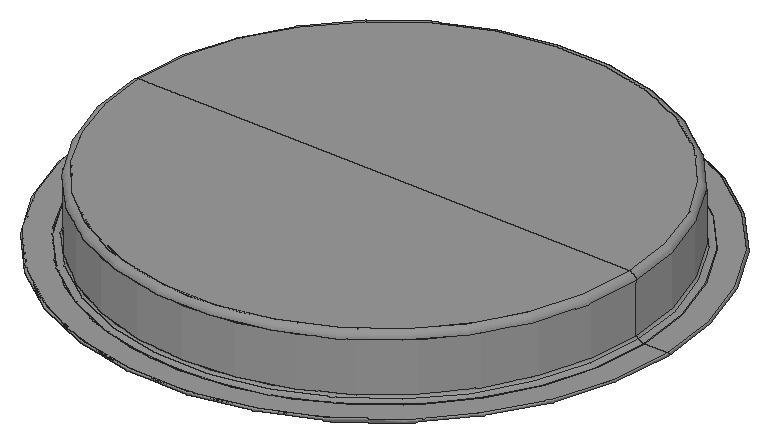
Revit family "MIA12_63_UN_Downlighter_ETK", category Lighting Fixtures, Revit 2017 (continued)
Definition of nested family "MIA.1 - Lightsource"
  Types (8, lengths in mm): name | Wattage | built-in parameter 1150134 | Photometric Web File | built-in parameter 1150142 | built-in parameter 1150105 | Lumens | built-in parameter 1150107 | built-in parameter 1150106
      411 317.2972 314.8072 312.5106 \r\n309.5975 306.3218 303.0219 299.8549 296.9781 293.2914 \r\n289.9674 286.5103 282.8599 279.1249 275.559 271.2559 \r\n267.7868 263.5441 259.2893 255.2278 250.9005 246.7908 \r\n242.0887 237.1208 232.6846 227.8375 223.7157 218.2763 \r\n212.8369 207.3976 202.3812 197.2924 192.2277 186.9334 \r\n181.7237 176.7194 171.4856 166.2758 160.6672 155.2158 \r\n149.8731 144.4216 138.9581 133.6275 128.4298 122.8938 \r\n117.2851 111.8095 106.4306 100.8582 95.3584 89.9432 84.4192 \r\n79.0886 73.758 68.234 62.9034 57.6454 52.4961 47.2984 \r\n42.1492 37.1449 32.2253 27.2936 22.4586 17.7203 13.0062 \r\n8.4492 4.0735 1.1121 0.0604 0.0604 0.0604 0.0604 0.0725 \r\n0.0725 0.0725 0.0846 0.0846 0.0967 0.1088 0.1209 0.1209 \r\n0.133 0.133 0.1571 0.1571 0.1692 0.1813 0.1813 0.1934 \r\n0.2055 0.2055 0.2176 0.2297 0.2297 0.2418 0.2538 0.2538 \r\n0.2659 0.2659 0.278 0.2901 0.2901 0.3022 0.3022 0.3143 \r\n0.3264 0.3264 0.3385 0.3385 0.3505 0.3505 0.3626 0.3626 \r\n0.3747 0.3868 0.3868 0.3868 0.411 0.411 0.4231 0.4231 \r\n0.4352 0.4352 0.4472 0.4472 0.4593 0.4593 0.4593 0.4714 \r\n0.4714 0.4714 0.4835 0.4835 0.4835 0.4956 0.4956 0.5198 \r\n0.5198 0.5319 0.5439 0.5439 0.556 0.5681 0.5802 0.5923 \r\n0.5923 0.6044 0.6044 0.6165 0.6165 0.6165 0.6165 0.6286 \r\n0.6286 0.6286 0.6286 0.6286 0.6286 0.6406 \r\n347.3105 347.2259 347.5644 346.8875 346.0776 344.0106 \r\n343.9018 343.2612 342.1612 340.5657 339.6833 338.0152 \r\n335.8637 334.2923 332.4066 330.5572 328.9254 326.3508 \r\n324.0904 321.5762 319.3521 316.4269 313.5501 311.0117 \r\n308.014 304.968 301.8373 297.9935 295.3947 291.9255 \r\n288.2872 284.9873 281.2764 277.2392 273.4437 269.5032 \r\n265.0671 261.2233 256.8113 253.3664 248.6402 244.1919 \r\n239.5503 235.223 230.5572 225.9398 221.0444 216.2456 \r\n211.2656 206.2734 201.4989 196.5188 191.1761 186.0389 \r\n180.8776 175.4382 170.1438 164.7286 159.2409 154.14 \r\n148.7489 143.2612 137.7372 132.189 126.9431 121.129 \r\n115.9072 110.4194 104.9317 99.4319 93.9925 88.4202 83.1621 \r\n77.6623 72.235 67.0615 61.6826 56.4366 51.1664 46.0534 \r\n40.9525 35.9483 30.9924 26.0486 21.274 16.4511 11.7732 \r\n7.2283 3.0219 0.689 0.0846 0.0846 0.0725 0.0725 0.0725 \r\n0.0725 0.0725 0.0725 0.0725 0.0846 0.0846 0.0967 0.0967 \r\n0.1088 0.1088 0.1209 0.133 0.1451 0.1571 0.1571 0.1692 \r\n0.1813 0.1813 0.1934 0.2055 0.2176 0.2176 0.2297 0.2297 \r\n0.2418 0.2538 0.2659 0.2659 0.278 0.278 0.278 0.2901 0.2901 \r\n0.3022 0.3143 0.3264 0.3264 0.3264 0.3385 0.3385 0.3505 \r\n0.3626 0.3626 0.3868 0.3868 0.3868 0.3989 0.3989 0.411 \r\n0.411 0.4231 0.4352 0.4352 0.4352 0.4352 0.4472 0.4472 \r\n0.4472 0.4593 0.4593 0.4593 0.4714 0.4714 0.4956 0.4956 \r\n0.5077 0.5077 0.5198 0.5439 0.556 0.556 0.556 0.5681 0.5802 \r\n0.5923 0.6165 0.6286 0.6286 0.6286 0.6406 0.6406 0.6406 \r\n0.6406 0.6406 0.6406 0.6406 \r\n346.7666 346.4402 345.9567 345.9446 345.3282 344.204 \r\n343.8293 342.4634 341.1822 340.2998 338.5833 337.3625 \r\n335.9362 333.8813 331.8143 330.2671 327.9463 326.0123 \r\n323.1234 320.851 318.8444 316.161 313.3084 309.9601 307.047 \r\n304.4119 301.0274 298.2352 294.5002 291.164 287.5257 284.25 \r\n280.6479 276.792 273.202 268.9955 264.7286 260.4497 \r\n256.6421 252.0972 247.9874 243.7689 239.3207 234.3406 \r\n229.9045 225.2992 220.0169 214.7347 209.4524 204.3515 \r\n199.033 194.0409 188.9399 184.0687 178.9073 173.8547 \r\n168.5241 163.121 157.8025 152.2422 146.8875 141.4481 \r\n136.0812 130.7869 125.1058 119.7026 114.3721 108.7997 \r\n103.3724 97.8605 92.4816 87.0543 81.6632 76.1876 70.7845 \r\n65.4901 60.1837 54.974 49.8006 44.5062 39.4778 34.4615 \r\n29.5298 24.719 19.896 15.1094 10.4557 5.9591 2.0911 0.2538 \r\n0.0725 0.0725 0.0725 0.0725 0.0725 0.0846 0.0846 0.0967 \r\n0.0967 0.1088 0.1209 0.1209 0.133 0.1451 0.1451 0.1571 \r\n0.1692 0.1692 0.1813 0.1934 0.1934 0.2176 0.2176 0.2297 \r\n0.2297 0.2418 0.2538 0.2538 0.2659 0.278 0.278 0.2901 \r\n0.2901 0.3022 0.3022 0.3143 0.3264 0.3264 0.3385 0.3385 \r\n0.3505 0.3505 0.3626 0.3626 0.3747 0.3747 0.3868 0.3868 \r\n0.3989 0.411 0.4231 0.4231 0.4352 0.4352 0.4472 0.4593 \r\n0.4593 0.4593 0.4714 0.4714 0.4714 0.4835 0.4835 0.4835 \r\n0.4835 0.4956 0.4956 0.5198 0.5198 0.5319 0.5439 0.556 \r\n0.556 0.5681 0.5802 0.5923 0.5923 0.6044 0.6044 0.6165 \r\n0.6165 0.6165 0.6165 0.6286 0.6286 0.6286 0.6286 0.6286 \r\n0.6286 0.6286 0.6406 \r\n348.3742 347.5281 347.0446 347.1171 345.6545 344.7842 \r\n343.8777 343.237 342.1008 340.3965 338.4987 337.5438 \r\n335.912 334.1956 332.2737 329.9529 327.7408 325.8915 \r\n323.3652 320.5488 318.3126 315.8226 312.6315 309.8392 \r\n307.0591 303.2636 300.5198 297.5341 294.0892 290.463 \r\n286.8609 282.6061 279.0161 275.5953 271.2438 267.8956 \r\n263.6287 259.6156 255.0465 251.1302 247.0688 241.9437 \r\n237.6163 232.9385 228.3694 223.6674 218.7598 213.8281 \r\n208.6547 204.0251 198.9605 194.1738 189.0729 183.6335 \r\n178.7381 173.4196 167.9197 162.7342 157.2465 151.8433 \r\n146.2106 140.8316 135.1988 129.832 124.308 118.7477 \r\n113.2117 107.7602 102.3208 97.099 91.5146 86.0389 80.5633 \r\n75.2206 69.7329 64.5111 59.2288 53.9707 48.7731 43.6359 \r\n38.6196 33.6637 28.732 23.7036 18.9653 14.2391 9.537 5.0888 \r\n1.5835 0.1451 0.0846 0.0846 0.0846 0.0846 0.0846 0.0846 \r\n0.0846 0.0846 0.0846 0.0846 0.0846 0.0967 0.0967 0.1209 \r\n0.1209 0.133 0.1451 0.1571 0.1571 0.1571 0.1692 0.1813 \r\n0.1934 0.2055 0.2055 0.2176 0.2297 0.2297 0.2418 0.2418 \r\n0.2538 0.2659 0.2659 0.278 0.278 0.2901 0.2901 0.3022 \r\n0.3022 0.3264 0.3264 0.3264 0.3264 0.3385 0.3385 0.3505 \r\n0.3626 0.3626 0.3747 0.3868 0.3868 0.3989 0.411 0.411 \r\n0.4231 0.4352 0.4352 0.4472 0.4472 0.4472 0.4472 0.4472 \r\n0.4472 0.4593 0.4593 0.4593 0.4714 0.4835 0.4956 0.4956 \r\n0.5077 0.5198 0.5319 0.5439 0.556 0.556 0.5681 0.5681 \r\n0.5802 0.5923 0.6165 0.6286 0.6406 0.6406 0.6406 0.6527 \r\n0.6527 0.6527 0.6648 0.6406 0.6406 \r\n347.794 347.371 346.549 345.9688 345.4491 344.1557 343.1403 \r\n342.959 341.8953 340.8316 339.2965 338.0152 336.5526 \r\n334.2439 332.5758 330.7385 328.2364 325.9277 323.6069 \r\n321.1531 318.0829 315.8951 312.9941 310.1777 306.8174 \r\n304.1702 301.0758 297.6429 294.3914 290.8014 287.2477 \r\n283.7906 280.1644 276.5623 272.1262 268.1736 264.1605 \r\n259.8936 255.7597 251.5774 246.4886 242.3305 237.8581 \r\n233.2165 228.6595 224.2596 218.8323 213.4051 207.9898 \r\n202.9373 197.8847 193.0134 188.0938 182.6544 177.2996 \r\n172.0778 166.6143 161.1386 155.9289 150.6588 145.3161 \r\n139.8042 134.3165 128.7199 123.3893 117.8049 112.4501 \r\n106.902 101.4384 95.9265 90.5597 84.9752 79.4875 74.1569 \r\n68.8867 63.5803 58.153 53.0037 47.8545 42.7052 37.6526 \r\n32.6725 27.7529 22.8938 18.0708 13.3688 8.7393 4.3757 \r\n1.2571 0.0725 0.0725 0.0725 0.0725 0.0846 0.0846 0.0967 \r\n0.1088 0.1088 0.1088 0.1209 0.133 0.1451 0.1451 0.1571 \r\n0.1571 0.1692 0.1813 0.1934 0.1934 0.2055 0.2055 0.2176 \r\n0.2297 0.2418 0.2418 0.2538 0.2659 0.2659 0.278 0.2901 \r\n0.3022 0.3022 0.3022 0.3143 0.3143 0.3264 0.3264 0.3385 \r\n0.3385 0.3505 0.3626 0.3626 0.3747 0.3747 0.3868 0.3989 \r\n0.3989 0.3989 0.411 0.4231 0.4352 0.4352 0.4472 0.4472 \r\n0.4593 0.4593 0.4714 0.4714 0.4835 0.4835 0.4835 0.4835 \r\n0.4835 0.4956 0.4956 0.5077 0.5077 0.5198 0.5319 0.5439 \r\n0.5439 0.556 0.556 0.5681 0.5802 0.5923 0.6044 0.6044 \r\n0.6165 0.6165 0.6165 0.6165 0.6286 0.6286 0.6286 0.6406 \r\n0.6406 0.6286 0.6286 0.6286 0.6406 \r\n346.5369 347.3589 346.6941 345.5578 344.8689 344.5546 \r\n343.6843 342.4755 341.2909 340.0701 337.979 336.4439 \r\n334.7033 332.878 330.8957 328.7804 326.242 324.5497 \r\n322.4828 319.6543 317.128 314.1061 311.5073 308.9568 \r\n306.1767 302.4538 299.6857 296.2045 292.9772 289.0729 \r\n285.5796 282.1588 278.4238 274.3503 270.4219 266.6747 \r\n262.3595 258.2618 253.7773 249.5105 245.026 240.8558 \r\n236.0571 231.5242 226.7376 221.9267 217.5269 212.4622 \r\n207.3009 202.3208 197.1232 192.2398 187.2598 182.1226 \r\n176.5623 171.4614 166.1912 160.8969 155.4817 150.1632 \r\n144.748 139.1877 133.6637 128.043 122.5553 117.1038 \r\n111.6403 106.1646 100.7011 95.2133 89.7981 84.5763 78.9073 \r\n73.6371 68.1857 63.0968 57.6816 52.5565 47.371 42.2338 \r\n37.1328 32.2495 27.342 22.4707 17.7324 13.0424 8.425 4.0856 \r\n1.1604 0.1088 0.0846 0.0846 0.0846 0.0846 0.0846 0.0846 \r\n0.0846 0.0846 0.0846 0.0846 0.0967 0.1088 0.1209 0.1209 \r\n0.133 0.1451 0.1451 0.1571 0.1692 0.1813 0.1813 0.2055 \r\n0.2055 0.2176 0.2176 0.2176 0.2297 0.2418 0.2538 0.2659 \r\n0.2659 0.2659 0.278 0.278 0.2901 0.2901 0.3022 0.3143 \r\n0.3264 0.3264 0.3264 0.3264 0.3385 0.3385 0.3505 0.3626 \r\n0.3747 0.3868 0.3868 0.3868 0.3989 0.411 0.411 0.4231 \r\n0.4352 0.4472 0.4352 0.4472 0.4472 0.4472 0.4472 0.4593 \r\n0.4593 0.4593 0.4593 0.4714 0.4714 0.4956 0.4956 0.5077 \r\n0.5077 0.5198 0.5319 0.556 0.556 0.556 0.5681 0.5681 0.5802 \r\n0.6044 0.6286 0.6286 0.6406 0.6406 0.6406 0.6648 0.6648 \r\n0.6648 0.6648 0.6527 0.6406 \r\n347.0688 347.0204 346.4402 345.8238 345.4249 344.7722 \r\n343.9502 343.0315 341.6536 340.2031 338.68 337.1812 \r\n335.2593 333.3011 331.3067 329.4935 327.5474 325.2025 \r\n322.7124 320.0894 317.3818 314.9039 312.3776 309.3678 \r\n306.5393 303.4329 300.133 296.8814 293.6299 290.0157 \r\n286.7158 282.8116 279.2095 275.2689 271.3042 267.0374 \r\n262.8792 258.8662 254.5509 250.3082 245.9567 241.5327 \r\n236.7098 232.2253 227.4024 223.1355 217.5269 211.9304 \r\n207.0833 202.1516 197.4374 192.0343 186.8004 181.9775 \r\n176.5986 171.2196 165.8286 160.5464 155.0949 149.6313 \r\n144.059 138.813 133.5187 127.9342 122.519 116.9709 111.5073 \r\n106.08 100.5681 95.1287 89.7377 84.3467 78.8469 73.3591 \r\n68.0648 62.6858 57.4761 52.2785 47.2138 42.0283 36.8911 \r\n31.9715 27.0277 22.1806 17.5148 12.7886 8.2558 3.9889 \r\n1.0758 0.0725 0.0725 0.0725 0.0846 0.0846 0.0846 0.0967 \r\n0.0967 0.1088 0.1209 0.1209 0.133 0.1451 0.1571 0.1571 \r\n0.1692 0.1813 0.1813 0.1934 0.2055 0.2176 0.2297 0.2297 \r\n0.2418 0.2418 0.2538 0.2659 0.2659 0.278 0.2901 0.2901 \r\n0.3022 0.3022 0.3143 0.3264 0.3264 0.3264 0.3385 0.3505 \r\n0.3505 0.3626 0.3626 0.3626 0.3747 0.3868 0.3868 0.3989 \r\n0.3989 0.411 0.411 0.4231 0.4352 0.4352 0.4472 0.4593 \r\n0.4593 0.4714 0.4714 0.4714 0.4835 0.4835 0.4835 0.4956 \r\n0.4956 0.4956 0.4956 0.5077 0.5077 0.5198 0.5319 0.5439 \r\n0.5439 0.556 0.5681 0.5681 0.5923 0.5923 0.6044 0.6044 \r\n0.6165 0.6286 0.6286 0.6286 0.6286 0.6286 0.6406 0.6406 \r\n0.6406 0.6406 0.6406 0.6406 0.6406 \r\n347.794 347.5885 347.0083 346.0293 345.9084 344.9776 \r\n343.4304 342.1612 341.9437 339.8404 338.813 337.3988 \r\n335.3922 333.5549 331.6088 329.7836 327.8134 325.42 \r\n322.7366 320.1982 317.5752 314.4446 312.148 309.4041 \r\n306.4547 302.8889 300.2176 296.5913 293.2431 289.5806 \r\n285.7851 282.7028 279.004 275.3052 270.8812 267.1945 \r\n262.9759 258.8058 254.3334 250.1632 245.7029 241.436 \r\n236.746 232.2495 227.5595 222.785 217.7324 213.0424 \r\n207.9778 203.1307 197.788 192.6508 187.707 182.8478 \r\n177.5656 172.2954 166.5659 161.3441 155.8564 150.5016 \r\n145.0381 139.7921 134.4252 128.4057 123.0992 117.4665 \r\n111.9666 106.4789 100.9791 95.576 90.0641 84.7576 79.2337 \r\n73.8184 68.4758 63.1452 57.8992 52.7257 47.5885 42.4755 \r\n37.3262 32.4066 27.4266 22.6399 17.8774 13.2117 8.6547 \r\n4.3032 1.2813 0.1088 0.0846 0.0846 0.0846 0.0846 0.0846 \r\n0.0846 0.0846 0.0846 0.0967 0.0967 0.0967 0.1088 0.1088 \r\n0.1209 0.133 0.1571 0.1571 0.1571 0.1692 0.1813 0.1934 \r\n0.2055 0.2176 0.2055 0.2176 0.2297 0.2418 0.2418 0.2538 \r\n0.2659 0.2659 0.278 0.278 0.2901 0.2901 0.3022 0.3264 \r\n0.3264 0.3264 0.3264 0.3264 0.3385 0.3505 0.3505 0.3505 \r\n0.3747 0.3747 0.3868 0.3868 0.3989 0.3989 0.3989 0.4231 \r\n0.4352 0.4352 0.4472 0.4472 0.4472 0.4472 0.4472 0.4593 \r\n0.4593 0.4593 0.4714 0.4714 0.4714 0.4714 0.4956 0.5077 \r\n0.5077 0.5077 0.5319 0.5319 0.556 0.556 0.556 0.5681 0.5802 \r\n0.5802 0.6044 0.6286 0.6406 0.6406 0.6527 0.6648 0.6769 \r\n0.6769 0.6769 0.6769 0.6527 0.6406 \r\n347.4918 347.4556 347.4556 346.5853 345.7633 345.2194 \r\n344.5062 343.2733 341.581 341.2426 340.5899 338.3053 \r\n336.4318 334.5582 333.3495 331.8627 329.8682 327.2211 \r\n325.4805 323.4014 320.7422 318.4093 315.6171 312.7644 \r\n309.3195 306.4668 303.6383 300.0363 296.7243 292.7354 \r\n290.6322 287.6224 283.5489 279.7292 275.5107 271.7152 \r\n266.9527 264.6803 259.1563 254.9015 250.1994 246.0413 \r\n241.3756 237.3262 232.6363 228.0189 222.9542 217.9862 \r\n212.704 207.5184 202.7076 197.5221 192.4816 187.1389 \r\n182.4006 176.5744 171.0141 165.5627 160.4134 154.841 \r\n148.9061 143.4063 137.8944 132.2857 126.5079 121.0081 \r\n115.2665 109.5975 103.9284 98.2594 93.1222 87.0301 81.8687 \r\n76.1272 70.5669 65.0792 59.8453 54.2488 49.039 43.8051 \r\n38.5713 33.5308 28.4661 23.5223 18.6389 13.8523 9.1261 4.69 \r\n1.4868 0.1571 0.133 0.133 0.133 0.133 0.1451 0.1451 0.1451 \r\n0.1451 0.1451 0.1451 0.1451 0.1571 0.1692 0.1813 0.1934 \r\n0.2055 0.2055 0.2176 0.2297 0.2418 0.2538 0.2659 0.2659 \r\n0.278 0.2901 0.3022 0.3143 0.3264 0.3264 0.3385 0.3385 \r\n0.3505 0.3626 0.3626 0.3747 0.3747 0.3868 0.3989 0.3989 \r\n0.411 0.411 0.4352 0.4352 0.4352 0.4472 0.4472 0.4472 \r\n0.4593 0.4714 0.4714 0.4835 0.4835 0.4956 0.4956 0.4956 \r\n0.5077 0.5077 0.5077 0.5198 0.5319 0.5439 0.5439 0.5439 \r\n0.556 0.556 0.556 0.556 0.556 0.556 0.556 0.556 0.556 0.556 \r\n0.556 0.556 0.556 0.556 0.5681 0.5681 0.5802 0.5802 0.6165 \r\n0.6406 0.6648 0.6648 0.6769 0.6769 0.6769 0.6769 0.6769 \r\n0.6406 \r\n348.6764 349.6434 348.4468 348.1446 347.9753 346.8512 \r\n345.9688 344.9535 344.337 342.7535 342.1612 341.3151 \r\n338.7526 337.5076 335.6098 334.1593 331.3187 329.8924 \r\n327.487 326.0002 322.9058 320.3916 317.6115 315.1457 \r\n312.3414 309.4524 306.0558 303.2757 299.9637 296.6759 \r\n292.9772 289.6531 286.1235 282.4973 277.9524 274.169 \r\n270.2889 266.1912 262.1903 257.6212 253.1971 248.8215 \r\n244.3612 239.635 235.078 230.666 225.6739 220.1499 214.6259 \r\n209.114 204.279 198.9846 193.7024 188.4806 183.2346 \r\n177.9886 172.5734 166.989 161.4287 155.9531 150.5137 \r\n144.8809 139.3207 133.5912 128.0068 122.374 116.7412 \r\n111.2897 105.6086 99.6736 93.9079 88.4564 82.9566 77.3963 \r\n71.9811 66.4451 60.9452 55.7355 50.1994 44.9414 39.6229 \r\n34.5703 29.4694 24.4893 19.5455 14.7105 10.0447 5.4998 \r\n1.8252 0.1934 0.1088 0.1088 0.1209 0.1209 0.1209 0.1209 \r\n0.133 0.133 0.1451 0.1571 0.1571 0.1813 0.1934 0.2055 \r\n0.2055 0.2176 0.2297 0.2418 0.2538 0.2538 0.2659 0.278 \r\n0.2901 0.2901 0.3022 0.3143 0.3264 0.3385 0.3385 0.3505 \r\n0.3626 0.3747 0.3747 0.3868 0.3868 0.3868 0.3989 0.411 \r\n0.4231 0.4352 0.4352 0.4472 0.4472 0.4593 0.4593 0.4714 \r\n0.4714 0.4835 0.4956 0.4956 0.4956 0.4956 0.5077 0.5077 \r\n0.5198 0.5198 0.5319 0.5319 0.5319 0.5319 0.5319 0.5319 \r\n0.5439 0.5439 0.5439 0.5439 0.5439 0.5439 0.5439 0.5439 \r\n0.5439 0.5439 0.556 0.556 0.5681 0.5681 0.5681 0.5802 \r\n0.5923 0.5923 0.6044 0.6406 0.6527 0.6527 0.6648 0.6648 \r\n0.6648 0.6769 0.6648 0.6406 0.6406 \r\n347.5281 347.8666 347.5765 347.105 347.7094 346.2952 \r\n345.2677 344.059 343.6238 343.5392 342.2217 340.336 \r\n339.1515 337.4109 335.5494 333.4582 331.2825 329.5177 \r\n327.354 325.3596 323.0751 320.8751 317.7807 314.5171 \r\n312.2326 309.5491 306.1525 302.623 299.5528 296.41 293.6057 \r\n290.197 286.2202 282.3039 278.448 275.1481 270.8933 266.711 \r\n262.0815 258.008 253.4147 248.8336 244.6271 240.1547 \r\n235.5373 230.4364 225.831 221.3345 216.1731 210.8546 \r\n205.6086 200.6527 195.6364 190.2816 185.1082 179.56 174.169 \r\n168.7296 163.2902 158.1289 152.4235 146.6578 141.0371 \r\n135.3197 129.6869 124.0662 118.3609 112.7402 107.1437 \r\n101.5472 95.9023 90.3179 84.6005 78.9556 73.3591 67.823 \r\n62.3837 57.1256 51.6016 46.2952 41.0734 36.0087 30.8715 \r\n25.8068 20.863 16.0039 11.2535 6.6481 2.623 0.5319 0.133 \r\n0.133 0.133 0.133 0.133 0.133 0.133 0.133 0.133 0.133 \r\n0.1451 0.1571 0.1692 0.1692 0.1813 0.1934 0.2055 0.2176 \r\n0.2176 0.2176 0.2418 0.2418 0.2659 0.2659 0.278 0.278 \r\n0.2901 0.3022 0.3264 0.3264 0.3264 0.3385 0.3505 0.3505 \r\n0.3505 0.3626 0.3626 0.3868 0.3868 0.3868 0.3989 0.411 \r\n0.4231 0.4352 0.4352 0.4472 0.4472 0.4472 0.4593 0.4593 \r\n0.4714 0.4835 0.4956 0.4956 0.4956 0.4956 0.4956 0.5077 \r\n0.5077 0.5198 0.5198 0.5439 0.556 0.556 0.556 0.556 0.556 \r\n0.556 0.556 0.556 0.556 0.556 0.556 0.556 0.556 0.556 0.556 \r\n0.556 0.556 0.556 0.5681 0.6165 0.6406 0.6406 0.6648 0.6769 \r\n0.6769 0.6769 0.6769 0.6648 0.6406 \r\n348.1083 347.1534 347.3831 347.4918 347.3347 346.5248 \r\n346.0051 345.2436 343.648 342.7656 341.4843 340.4569 \r\n339.1635 337.5317 336.3472 334.3527 332.4791 330.4605 \r\n328.2364 326.0002 32
      3.6069 321.0564 318.2159 316.294 \r\n312.4622 310.3227 307.2404 303.6504 301.0879 297.6188 \r\n294.1376 290.463 287.1993 283.5368 279.7534 275.7283 \r\n272.2833 268.0285 263.5441 259.386 255.4212 250.3082 \r\n246.3798 241.8107 237.3746 232.455 227.6562 223.6311 \r\n218.0104 212.3897 206.7811 201.6923 196.4463 191.2003 \r\n185.8576 180.8292 175.281 169.5757 164.2814 158.8904 \r\n153.5598 147.9874 142.5239 136.7944 131.2462 125.5893 \r\n119.8598 113.9732 108.4733 102.7922 97.244 91.6959 86.1114 \r\n80.5028 74.8942 69.3582 63.8704 58.3464 53.0521 47.7336 \r\n42.5239 37.2416 32.177 27.209 22.2289 17.3577 12.571 7.9778 \r\n3.59 0.9791 0.0967 0.1088 0.1088 0.1088 0.1209 0.1209 0.133 \r\n0.133 0.1451 0.1571 0.1571 0.1692 0.1813 0.1813 0.1934 \r\n0.2055 0.2176 0.2297 0.2297 0.2418 0.2538 0.2538 0.2659 \r\n0.278 0.2901 0.3022 0.3143 0.3264 0.3264 0.3385 0.3505 \r\n0.3505 0.3626 0.3747 0.3747 0.3747 0.3868 0.3989 0.3989 \r\n0.411 0.4231 0.4231 0.4352 0.4472 0.4593 0.4593 0.4593 \r\n0.4714 0.4714 0.4835 0.4956 0.4956 0.4956 0.4956 0.5077 \r\n0.5198 0.5198 0.5198 0.5198 0.5198 0.5198 0.5198 0.5198 \r\n0.5319 0.5319 0.5319 0.5319 0.5319 0.5319 0.5319 0.5439 \r\n0.5439 0.5439 0.556 0.556 0.556 0.5681 0.5681 0.5802 0.5923 \r\n0.6044 0.6165 0.6165 0.6286 0.6406 0.6406 0.6527 0.6406 \r\n0.6406 0.6406 0.6406 \r\n347.5765 347.5039 347.6852 347.6611 346.96 345.9446 \r\n345.3403 344.8809 343.7931 343.1887 341.9195 340.3239 \r\n338.9581 337.435 335.767 334.0505 332.2253 330.0979 \r\n328.4177 326.0002 323.7278 321.2982 318.6631 316.1247 \r\n313.2842 310.0085 307.3009 304.2065 300.9428 297.3891 \r\n294.0529 290.6805 287.5982 283.8994 280.0677 276.526 \r\n272.4163 268.2945 264.1243 260.1837 255.8806 251.5412 \r\n246.8633 242.3063 238.0998 232.9868 228.2727 223.5586 \r\n218.4939 213.2842 208.3646 203.5054 198.5011 193.2793 \r\n188.3839 182.872 176.9975 171.6548 166.3121 161.1266 \r\n155.6872 149.9214 144.2766 138.5713 133.0231 127.2332 \r\n121.7938 115.9797 110.3832 104.7867 99.178 93.4969 87.985 \r\n82.2434 76.7799 71.0988 65.6956 60.3409 54.9377 49.6313 \r\n44.2403 39.0668 33.8934 28.8166 23.8487 18.9653 14.1787 \r\n9.4524 4.9438 1.5472 0.1692 0.1209 0.133 0.133 0.133 0.133 \r\n0.133 0.133 0.133 0.133 0.133 0.1451 0.1451 0.1571 0.1692 \r\n0.1692 0.1813 0.1934 0.2055 0.2176 0.2176 0.2297 0.2418 \r\n0.2659 0.2659 0.2659 0.278 0.2901 0.2901 0.3143 0.3143 \r\n0.3264 0.3385 0.3385 0.3385 0.3505 0.3505 0.3747 0.3868 \r\n0.3868 0.3868 0.3989 0.411 0.4231 0.4231 0.4352 0.4472 \r\n0.4472 0.4472 0.4593 0.4593 0.4714 0.4835 0.4835 0.4835 \r\n0.4956 0.4956 0.4956 0.5077 0.5077 0.5198 0.5198 0.5319 \r\n0.5319 0.5319 0.5319 0.5319 0.5319 0.5319 0.5319 0.5439 \r\n0.5439 0.5439 0.5439 0.5439 0.5439 0.5439 0.556 0.556 0.556 \r\n0.5802 0.6165 0.6286 0.6406 0.6527 0.6769 0.6769 0.6769 \r\n0.6769 0.6648 0.6406 \r\n347.3105 347.3226 348.0358 346.96 347.0446 346.1018 \r\n345.4853 345.3282 344.4337 344.1436 342.2096 341.5569 \r\n340.1426 338.7405 336.8669 335.1021 333.1198 331.1495 \r\n329.4331 326.9914 325.6134 322.3982 320.6213 318.2521 \r\n314.9281 311.7732 309.2228 306.5152 302.7439 299.867 \r\n296.3254 293.1222 289.2784 286.4015 282.1347 278.1941 \r\n274.5195 270.857 266.2517 262.154 258.2497 253.5477 \r\n249.3171 245.0864 240.6382 235.8153 231.4517 226.6771 \r\n221.0927 215.5083 209.9238 204.5449 199.2143 193.9562 \r\n189.2663 183.706 178.5084 173.4075 168.5604 162.9397 \r\n157.186 151.5895 146.1743 140.3965 134.7879 128.9254 \r\n123.2806 117.817 112.2688 106.4064 100.9428 95.1529 89.4718 \r\n84.0566 78.4117 72.8514 67.3033 61.9122 56.5454 51.106 \r\n45.86 40.602 35.4043 30.3276 25.3113 20.3916 15.4599 \r\n10.8062 6.1767 2.212 0.3505 0.0967 0.1088 0.1088 0.1088 \r\n0.1209 0.1209 0.133 0.133 0.1451 0.1451 0.1571 0.1692 \r\n0.1813 0.1934 0.1934 0.2055 0.2176 0.2176 0.2418 0.2418 \r\n0.2538 0.2538 0.2659 0.278 0.2901 0.3022 0.3143 0.3264 \r\n0.3264 0.3385 0.3505 0.3626 0.3626 0.3626 0.3747 0.3747 \r\n0.3868 0.3989 0.411 0.4231 0.4231 0.4231 0.4352 0.4472 \r\n0.4593 0.4593 0.4714 0.4714 0.4835 0.4956 0.4956 0.5077 \r\n0.5077 0.5077 0.5198 0.5198 0.5198 0.5319 0.5319 0.5319 \r\n0.5319 0.5319 0.5319 0.5319 0.5319 0.5319 0.5319 0.5319 \r\n0.5439 0.5439 0.5439 0.5439 0.556 0.556 0.556 0.5681 0.5681 \r\n0.5802 0.5923 0.5923 0.6044 0.6044 0.6165 0.6165 0.6286 \r\n0.6286 0.6286 0.6286 0.6286 0.6406 \r\n" | 79.577 (stored number, unit not read) | 1000 lm | 3000 (stored number, unit not read) | 0.79577 (stored number, unit not read)
